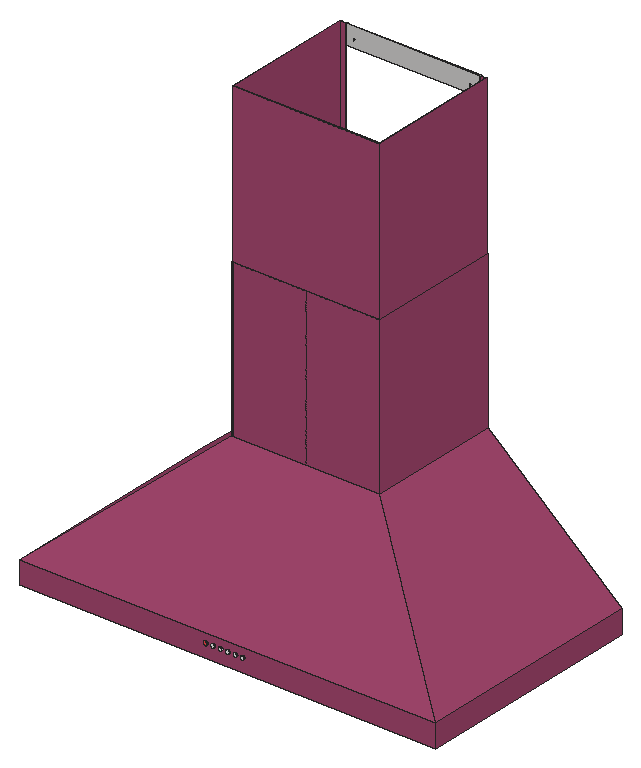
Revit family "FP_Revit_18_HC90PCR1_Rangehood_90001871A", category Specialty Equipment, Revit 2018
Family settings
  Round Connector Dimension = Use Diameter
  Part Type = Normal
  OmniClass Number = 23.40.40.00
  OmniClass Title = Food Service Equipment and Furnishings
  Work Plane-Based = No
  Always vertical = Yes
  Cut with Voids When Loaded = Yes
  Shared = No
  Room Calculation Point = No
Parameters (values of type "HC90PCR1")
  Visibility - Upper Chimney Extension [instance] = yes
  URL = "www.fisherpaykel.com"
  Product - Width = 898 mm  # constant formula
  Product - Height (636mm - 975mm) Ducted [instance] = 975 mm
  Product - Depth = 500 mm  # constant formula
  Model = "HC90PCR1"
  Material - COLOUR CHANGE = Fisher & Paykel - Red
  Material - Buttons and Dials = Fisher & Paykel - Steel, Chrome Plated
  Material - Body = Fisher & Paykel - Stainless Steel
  Manufacturer = "Fisher & Paykel Appliances"
  FFL Offset [instance] = 1565 mm
  Description = "90cm Rangehood"
  Connector Description - Extraction = "150mm rigid or  semi-rigid ducting, 780m³/hr"
  Connector Description - Electrical = "230 V, 50Hz"
  Chassis - Width = 320 mm  # constant formula
  Chassis - Height = 298 mm  # constant formula
  Chassis - Depth = 290 mm  # constant formula
Types (5, lengths in mm): name | Model | Material - COLOUR CHANGE
  (no name) | "HC90PCR1" | Fisher & Paykel - Red
  HC90PCB1 | "HC90PCB1" | Fisher & Paykel - Black
  HC90PCR1 | "HC90PCR1" | Fisher & Paykel - Red
  HC90PCTX1 | "HC90PCTX1" | Fisher & Paykel - Stainless Steel
  HC90PCW1 | "HC90PCW1" | Fisher & Paykel - White
Reference planes
  plane 1 "Datum": y = 0
  plane 2: z = 0
  plane 3 "Center (Left/Right)": x = 0
  plane 4 "Product - Height": z = 2540
  plane 5 "Product LHS": x = -449
  plane 6 "Product RHS": x = 449
  plane 7 "Product - Depth": y = -500
  plane 8 "Cavity LHS": x = -160
  plane 9 "Cavity RHS": x = 160
  plane 10 "Chassis - Depth": y = -290
  plane 11 "FFL Offset": z = 1565
  plane 12 "Chassis - Height": z = 1863
Forms (mm)
  Extrusion 1, solid, material "Fisher & Paykel - Red" <- "Material - COLOUR CHANGE"
    sketch origin (0, 0, 0) x (1, 0, 0) y (0, 1, 0)
      loop
        line (-145, 0) -> (-160, 0) -> (-160, -290) -> (0, -290) -> (160, -290) -> (160, 0) -> (145, 0) -> (145, -1) -> (159, -1) -> (159, -289) -> (-159, -289) -> (-159, -1) -> (-145, -1) -> (-145, 0)
    from 1863 to 2200
  Extrusion 2, solid, material "Fisher & Paykel - Red" <- "Material - COLOUR CHANGE", visible <- "Visibility - Upper Chimney Extension"
    sketch origin (0, 0, 0) x (1, 0, 0) y (0, 1, 0)
      loop
        line (-158, -2) -> (-145, -2) -> (-145, -1) -> (-159, -1) -> (-159, -289) -> (159, -289) -> (159, -1) -> (145, -1) -> (145, -2) -> (158, -2) -> (158, -288.044) -> (-158, -288.044) -> (-158, -2)
    from 2190 to 2540
  Extrusion 3, solid, material "Fisher & Paykel - Stainless Steel" <- "Material - Body"
    sketch origin (0, 0, 0) x (1, 0, 0) y (0, 1, 0)
      loop
        circle (0, -87.6) r 75
      loop
        circle (0, -87.6) r 74
    from 1850 to 1897.007
  Extrusion 4, solid, material "Fisher & Paykel - Stainless Steel" <- "Material - Body", visible <- "Visibility - Upper Chimney Extension"
    sketch origin (0, 0, 7) x (1, 0, 0) y (0, 0, 1)
      loop
        line (-145, 2491.596) -> (145, 2491.596) -> (145, 2533) -> (-145, 2533) -> (-145, 2491.596)
      loop
        circle (125, 2508) r 2.5
      loop
        circle (-125, 2508) r 2.5
    from 0 to 2
  Extrusion 5, solid, material "Fisher & Paykel - Steel, Chrome Plated" <- "Material - Buttons and Dials", detail levels fine
    sketch origin (0, 0, 565) x (1, 0, 0) y (0, 0, 1)
      loop
        circle (-32, 1029.1) r 3.958
      loop
        circle (-16, 1029.1) r 3.958
      loop
        circle (0, 1029.1) r 3.958
      loop
        circle (16, 1029.1) r 3.958
      loop
        circle (32, 1029.1) r 3.958
    from 501 to 500
  Extrusion 6, void
    sketch origin (0, 0, 0) x (1, 0, 0) y (0, 1, 0)
      loop
        line (-427.4, -479.9) -> (427.4, -479.9) -> (427.4, -89.9) -> (-427.4, -89.9) -> (-427.4, -479.9)
      loop
        circle (-217.5, -42) r 25
      loop
        circle (217.5, -42) r 25
    from 1565 to 1574
  Extrusion 7, solid, material "Fisher & Paykel - Stainless Steel" <- "Material - Body", detail levels fine
    sketch origin (0, 0, 0) x (1, 0, 0) y (0, 1, 0)
      loop
        line (142.7, -89.9) -> (142.7, -479.9) -> (427.4, -479.9) -> (427.4, -89.9) -> (142.7, -89.9)
      loop
        line (417.55, -469.9) -> (417.55, -99.9) -> (152.2, -99.9) -> (152.2, -469.9) -> (252.55, -469.9) -> (252.55, -409.9) -> (317.55, -409.9) -> (317.55, -469.9) -> (417.55, -469.9)
      loop
        line (269.45, -428.3) -> (269.45, -468.3) -> (300.65, -468.3) -> (300.65, -428.3) -> (269.45, -428.3)
      loop
        line (274.65, -433.5) -> (274.65, -463.1) -> (295.45, -463.1) -> (295.45, -433.5) -> (274.65, -433.5)
      loop
        line (274.85, -442.6) -> (274.85, -462.9) -> (295.25, -462.9) -> (295.25, -442.6) -> (274.85, -442.6)
      loop
        line (-142.7, -89.9) -> (-427.4, -89.9) -> (-427.4, -479.9) -> (-142.7, -479.9) -> (-142.7, -89.9)
      loop
        line (-417.55, -469.9) -> (-317.55, -469.9) -> (-317.55, -409.9) -> (-252.55, -409.9) -> (-252.55, -469.9) -> (-152.2, -469.9) -> (-152.2, -99.9) -> (-417.55, -99.9) -> (-417.55, -469.9)
      loop
        line (-269.45, -428.3) -> (-300.65, -428.3) -> (-300.65, -468.3) -> (-269.45, -468.3) -> (-269.45, -428.3)
      loop
        line (-274.65, -433.5) -> (-295.45, -433.5) -> (-295.45, -463.1) -> (-274.65, -463.1) -> (-274.65, -433.5)
      loop
        line (-274.85, -442.6) -> (-295.25, -442.6) -> (-295.25, -462.9) -> (-274.85, -462.9) -> (-274.85, -442.6)
      loop
        line (-142.35, -89.9) -> (-142.35, -479.9) -> (142.35, -479.9) -> (142.35, -89.9) -> (-142.35, -89.9)
      loop
        line (132.5, -469.9) -> (132.5, -99.9) -> (-132.85, -99.9) -> (-132.85, -469.9) -> (-32.5, -469.9) -> (-32.5, -409.9) -> (32.5, -409.9) -> (32.5, -469.9) -> (132.5, -469.9)
      loop
        line (-15.6, -428.3) -> (-15.6, -468.3) -> (15.6, -468.3) -> (15.6, -428.3) -> (-15.6, -428.3)
      loop
        line (-10.4, -433.5) -> (-10.4, -463.1) -> (10.4, -463.1) -> (10.4, -433.5) -> (-10.4, -433.5)
      loop
        line (-10.2, -442.6) -> (-10.2, -462.9) -> (10.2, -462.9) -> (10.2, -442.6) -> (-10.2, -442.6)
      loop
        line (268.45, -427.3) -> (268.45, -469.3) -> (301.65, -469.3) -> (301.65, -427.3) -> (268.45, -427.3)
      loop
        line (-16.6, -427.3) -> (-16.6, -469.3) -> (16.6, -469.3) -> (16.6, -427.3) -> (-16.6, -427.3)
      loop
        line (-268.45, -427.3) -> (-301.65, -427.3) -> (-301.65, -469.3) -> (-268.45, -469.3) -> (-268.45, -427.3)
    from 1566 to 1574
  Extrusion 8, solid, material "Fisher & Paykel - Aluminium", detail levels medium+fine
    sketch origin (0, 0, 0) x (1, 0, 0) y (0, 1, 0)
      loop
        line (152.2, -99.9) -> (152.2, -469.9) -> (252.55, -469.9) -> (252.55, -409.9) -> (317.55, -409.9) -> (317.55, -469.9) -> (417.55, -469.9) -> (417.55, -99.9) -> (152.2, -99.9)
      loop
        line (-152.2, -99.9) -> (-417.55, -99.9) -> (-417.55, -469.9) -> (-317.55, -469.9) -> (-317.55, -409.9) -> (-252.55, -409.9) -> (-252.55, -469.9) -> (-152.2, -469.9) -> (-152.2, -99.9)
      loop
        line (-132.675, -99.9) -> (-132.675, -469.9) -> (-32.325, -469.9) -> (-32.325, -409.9) -> (32.675, -409.9) -> (32.675, -469.9) -> (132.675, -469.9) -> (132.675, -99.9) -> (-132.675, -99.9)
    from 1566 to 1574
  Extrusion 9, void
    sketch origin (0, 0, 0) x (1, 0, 0) y (0, 0, 1)
      loop
        line (-449, 1863) -> (-449, 1615) -> (-160, 1863) -> (-449, 1863)
      loop
        line (449, 1863) -> (160, 1863) -> (449, 1615) -> (449, 1863)
    from 0 to 500
  Extrusion 10, solid, material "Fisher & Paykel - Red" <- "Material - COLOUR CHANGE"
    sketch origin (0, 0, 0) x (0, 1, 0) y (0, 0, 1)
      loop
        line (-500, 1565) -> (0, 1565) -> (0, 1863) -> (-290, 1863) -> (-500, 1615) -> (-500, 1565)
    from -449 to 449
  Extrusion 11, solid, material "Fisher & Paykel - Stainless Steel" <- "Material - Body", detail levels medium+fine
    sketch origin (0, 0, 0) x (1, 0, 0) y (0, 1, 0)
      loop
        circle (90.933, -33) r 3
    from 1897.007 to 1850
  Extrusion 12, solid, material "Fisher & Paykel - Steel, Chrome Plated" <- "Material - Buttons and Dials", detail levels medium+fine
    sketch origin (0, 0, 0) x (1, 0, 0) y (0, 1, 0)
      loop
        circle (-217.5, -42) r 25
      loop
        circle (-217.5, -42) r 22
      loop
        circle (217.5, -42) r 25
      loop
        circle (217.5, -42) r 22
    from 1565 to 1574
  Extrusion 13, solid, material "Fisher & Paykel - White Bezel", detail levels fine
    sketch origin (0, 0, 0) x (1, 0, 0) y (0, 1, 0)
      loop
        circle (-217.5, -42) r 22
      loop
        circle (217.5, -42) r 22
    from 1565 to 1574
  Extrusion 14, void
    sketch origin (0, 0, 0) x (1, 0, 0) y (0, 0, 1)
      loop
        circle (254, 1612) r 2.5
      loop
        circle (125, 1859) r 2.5
      loop
        circle (-254, 1610) r 2.5
      loop
        circle (-125, 1859) r 2.5
    from 0 to 7
  Extrusion 15, solid, material "Fisher & Paykel - Stainless Steel" <- "Material - Body"
    sketch origin (0, 0, 0) x (1, 0, 0) y (0, 0, 1)
      loop
        line (-145, 2183) -> (-145, 2143) -> (145, 2143) -> (145, 2183) -> (-145, 2183)
      loop
        circle (125, 2161) r 2.5
      loop
        circle (-125, 2161) r 2.5
    from 0 to 2
  Extrusion 16, void
    sketch origin (0, 0, 0) x (1, 0, 0) y (0, 1, 0)
      loop
        line (-159, -289) -> (159, -289) -> (159, -2) -> (-159, -2) -> (-159, -289)
    from 1850 to 1863
  Extrusion 17, solid, material "Fisher & Paykel - Bezel Red", detail levels fine
    sketch origin (0, 0, 0) x (1, 0, 0) y (0, 0, 1)
      loop
        circle (-48, 1594.1) r 4.044
    from 500 to 501
Cuts and joins
  Extrusion 6, Extrusion 9, Extrusion 14, Extrusion 16 cuts Extrusion 10
  joined: Extrusion 1, Extrusion 10
  Extrusion 14 cuts Extrusion 4
  Extrusion 14 cuts Extrusion 15
Text (mm)
  text "Due to ongoing product development, product details are subject to change without notice. \nPlease always refer to www.fisherpaykel.com for the most current product information. \n© Fisher & Paykel 2020" at (41.04, -1225.549, 0), in view "Ref. Level (Plan)"
Dimensions and locks
  equal spacing: plane 5 "Product LHS", plane 3 "Center (Left/Right)", plane 6 "Product RHS"
  equal spacing: plane 8 "Cavity LHS", plane 3 "Center (Left/Right)", plane 9 "Cavity RHS"
  "Chassis - Width": plane 8 "Cavity LHS" to plane 9 "Cavity RHS"
  locked: Extrusion 1 sketch curve to Extrusion 1 sketch curve at 1  (x3)
  "FFL Offset": plane 11 "FFL Offset" to level
  "Product - Height (636mm - 975mm) Ducted": plane 4 "Product - Height" to plane 11 "FFL Offset"
  locked: Extrusion 8 to plane 11 "FFL Offset" at 9
  locked: Extrusion 7 to plane 11 "FFL Offset" at 1
  locked: Extrusion 1 to plane 11 "FFL Offset" at 635
  "Chassis - Depth": plane 10 "Chassis - Depth" to plane 1 "Datum"
  "Product - Width": plane 5 "Product LHS" to plane 6 "Product RHS"
  "Product - Depth": plane 1 "Datum" to plane 7 "Product - Depth"
  "Chassis - Height": plane 12 "Chassis - Height" to plane 11 "FFL Offset"
  locked: plane 11 "FFL Offset" to Extrusion 14 sketch curve at 294
  locked: plane 4 "Product - Height" to Extrusion 2 at 350
  locked: Extrusion 3 to plane 11 "FFL Offset" at 332.007
  locked: plane 11 "FFL Offset" to cut or joined group of Extrusion 1, Extrusion 6, Extrusion 9, Extrusion 10, Extrusion 14, Extrusion 16 at 285
  locked: plane 11 "FFL Offset" to cut or joined group of Extrusion 14, Extrusion 15 at 596
  locked: plane 11 "FFL Offset" to cut or joined group of Extrusion 14, Extrusion 15 at 618
  locked: plane 11 "FFL Offset" to cut or joined group of Extrusion 14, Extrusion 15 at 578
  cut or joined group of Extrusion 4, Extrusion 14 to plane 4 "Product - Height" = 41.404 mm
  locked: cut or joined group of Extrusion 4, Extrusion 14 to plane 4 "Product - Height" at 25
  locked: plane 11 "FFL Offset" to cut or joined group of Extrusion 1, Extrusion 6, Extrusion 9, Extrusion 10, Extrusion 14, Extrusion 16 at 294
  locked: plane 11 "FFL Offset" to Extrusion 14 sketch curve at 47
  locked: plane 11 "FFL Offset" to cut or joined group of Extrusion 1, Extrusion 6, Extrusion 9, Extrusion 10, Extrusion 14, Extrusion 16 at 47
  aligned and locked: level to plane 2
  aligned and locked: Extrusion 1 sketch curve to plane 8 "Cavity LHS"
  aligned and locked: plane 9 "Cavity RHS" to Extrusion 1 sketch curve
  aligned and locked: plane 10 "Chassis - Depth" to Extrusion 1 sketch curve
  aligned and locked: plane 4 "Product - Height" to Extrusion 2
  aligned and locked: Extrusion 10 to plane 6 "Product RHS"
  aligned and locked: plane 5 "Product LHS" to Extrusion 10
  aligned and locked: Extrusion 7 to Extrusion 8  (x2)
  aligned and locked: Extrusion 6 to Extrusion 7
  aligned and locked: cut or joined group of Extrusion 1, Extrusion 6, Extrusion 9, Extrusion 10, Extrusion 14, Extrusion 16 to plane 11 "FFL Offset"
  aligned and locked: Extrusion 12 to Extrusion 7
  aligned and locked: Extrusion 13 to Extrusion 7
  aligned and locked: Extrusion 13 to plane 11 "FFL Offset"
  aligned and locked: Extrusion 12 to plane 11 "FFL Offset"
  aligned and locked: plane 4 "Product - Height" to Extrusion 4
  aligned and locked: Extrusion 1 to plane 12 "Chassis - Height"
  aligned and locked: plane 7 "Product - Depth" to Extrusion 5
  aligned and locked: plane 7 "Product - Depth" to Extrusion 17
  aligned and locked: Extrusion 16 to Extrusion 1
  aligned and locked: cut or joined group of Extrusion 1, Extrusion 6, Extrusion 9, Extrusion 10, Extrusion 14, Extrusion 16 to Extrusion 3
  aligned and locked: Extrusion 3 to Extrusion 11
  aligned and locked: cut or joined group of Extrusion 1, Extrusion 6, Extrusion 9, Extrusion 10, Extrusion 14, Extrusion 16 to Extrusion 11
  aligned and locked: cut or joined group of Extrusion 4, Extrusion 14 to Extrusion 2
  aligned and locked: cut or joined group of Extrusion 14, Extrusion 15 to Extrusion 2
Automatic sketch dimensions
  Extrusion 2 sketch curve to plane 8 "Cavity LHS" = 1 mm
  Extrusion 2 sketch curve to Extrusion 2 sketch curve = 1 mm
  plane 1 "Datum" to Extrusion 2 sketch curve = 2 mm  (x2)
  Extrusion 2 sketch curve to Extrusion 2 sketch curve = 13 mm
  plane 9 "Cavity RHS" to Extrusion 2 sketch curve = 15 mm
  plane 9 "Cavity RHS" to Extrusion 2 sketch curve = 2 mm
  plane 9 "Cavity RHS" to Extrusion 2 sketch curve = 1 mm
  plane 10 "Chassis - Depth" to Extrusion 2 sketch curve = 1.956 mm
  plane 10 "Chassis - Depth" to Extrusion 2 sketch curve = 1 mm
  plane 1 "Datum" to Extrusion 2 sketch curve = 1 mm  (x2)
  Extrusion 4 sketch curve to plane 4 "Product - Height" = 0 mm
  Extrusion 4 sketch curve to plane 8 "Cavity LHS" = 15 mm
  Extrusion 4 sketch curve to plane 8 "Cavity LHS" = 35 mm
  plane 9 "Cavity RHS" to Extrusion 4 sketch curve = 35 mm
  plane 9 "Cavity RHS" to Extrusion 4 sketch curve = 15 mm
  Extrusion 4 sketch curve to plane 4 "Product - Height" = 25 mm  (x2)
  Extrusion 4 sketch curve to Extrusion 4 sketch curve = 16.404 mm
  Extrusion 6 sketch curve to plane 5 "Product LHS" = 21.6 mm
  plane 8 "Cavity LHS" to Extrusion 6 sketch curve = 57.5 mm
  Extrusion 6 sketch curve to plane 9 "Cavity RHS" = 57.5 mm
  plane 6 "Product RHS" to Extrusion 6 sketch curve = 21.6 mm
  plane 7 "Product - Depth" to Extrusion 6 sketch curve = 20.1 mm
  plane 1 "Datum" to Extrusion 6 sketch curve = 89.9 mm
  plane 1 "Datum" to Extrusion 6 sketch curve = 42 mm  (x2)
  plane 9 "Cavity RHS" to Extrusion 11 sketch curve = 69.067 mm
  plane 10 "Chassis - Depth" to Extrusion 11 sketch curve = 257 mm
  Extrusion 12 sketch curve to Extrusion 12 sketch curve = 0 mm  (x4)
  plane 8 "Cavity LHS" to Extrusion 12 sketch curve = 57.5 mm
  Extrusion 12 sketch curve to plane 9 "Cavity RHS" = 57.5 mm
  plane 1 "Datum" to Extrusion 12 sketch curve = 42 mm  (x2)
  plane 8 "Cavity LHS" to Extrusion 13 sketch curve = 57.5 mm
  Extrusion 13 sketch curve to plane 9 "Cavity RHS" = 57.5 mm
  plane 1 "Datum" to Extrusion 13 sketch curve = 42 mm  (x2)
  plane 11 "FFL Offset" to Extrusion 14 sketch curve = 45 mm
  plane 8 "Cavity LHS" to Extrusion 14 sketch curve = 94 mm
  Extrusion 14 sketch curve to plane 12 "Chassis - Height" = 4 mm
  Extrusion 14 sketch curve to plane 8 "Cavity LHS" = 35 mm
  plane 9 "Cavity RHS" to Extrusion 14 sketch curve = 35 mm
  Extrusion 14 sketch curve to plane 9 "Cavity RHS" = 94 mm
  Extrusion 15 sketch curve to plane 8 "Cavity LHS" = 15 mm
  Extrusion 15 sketch curve to plane 8 "Cavity LHS" = 35 mm
  plane 9 "Cavity RHS" to Extrusion 15 sketch curve = 35 mm
  plane 9 "Cavity RHS" to Extrusion 15 sketch curve = 15 mm
  plane 12 "Chassis - Height" to Extrusion 15 sketch curve = 280 mm
  Extrusion 15 sketch curve to Extrusion 15 sketch curve = 18 mm  (x2)
  Extrusion 15 sketch curve to Extrusion 15 sketch curve = 22 mm
  plane 1 "Datum" to Extrusion 1 sketch curve = 0 mm  (x2)
  Extrusion 1 sketch curve to plane 3 "Center (Left/Right)" = 0 mm
  plane 1 "Datum" to Extrusion 1 sketch curve = 1 mm  (x2)
  Extrusion 1 sketch curve to Extrusion 1 sketch curve = 14 mm  (x2)
  Extrusion 10 sketch curve to plane 7 "Product - Depth" = 0 mm
  Extrusion 10 sketch curve to plane 12 "Chassis - Height" = 0 mm
  Extrusion 10 sketch curve to plane 10 "Chassis - Depth" = 0 mm
  Extrusion 10 sketch curve to plane 1 "Datum" = 0 mm
  Extrusion 10 sketch curve to plane 11 "FFL Offset" = 0 mm
  Extrusion 10 sketch curve to Extrusion 10 sketch curve = 50 mm
  plane 5 "Product LHS" to Extrusion 9 sketch curve = 0 mm
  plane 8 "Cavity LHS" to Extrusion 9 sketch curve = 0 mm
  plane 9 "Cavity RHS" to Extrusion 9 sketch curve = 0 mm
  plane 6 "Product RHS" to Extrusion 9 sketch curve = 0 mm
  Extrusion 9 sketch curve to plane 12 "Chassis - Height" = 0 mm  (x2)
  plane 11 "FFL Offset" to Extrusion 9 sketch curve = 50 mm  (x2)
  Extrusion 5 sketch curve to plane 3 "Center (Left/Right)" = 0 mm
  Extrusion 5 sketch curve to plane 3 "Center (Left/Right)" = 16 mm
  Extrusion 5 sketch curve to Extrusion 5 sketch curve = 16 mm  (x3)
  plane 11 "FFL Offset" to Extrusion 5 sketch curve = 29.1 mm
  Extrusion 5 sketch curve to Extrusion 5 sketch curve = 0 mm  (x4)
  Extrusion 17 sketch curve to plane 3 "Center (Left/Right)" = 48 mm
  plane 11 "FFL Offset" to Extrusion 17 sketch curve = 29.1 mm
  Extrusion 7 sketch curve to plane 5 "Product LHS" = 21.6 mm
  Extrusion 7 sketch curve to Extrusion 7 sketch curve = 9.85 mm  (x3)
  plane 7 "Product - Depth" to Extrusion 7 sketch curve = 30.1 mm  (x4)
  Extrusion 7 sketch curve to Extrusion 7 sketch curve = 100 mm
  Extrusion 7 sketch curve to Extrusion 7 sketch curve = 16.9 mm  (x5)
  Extrusion 7 sketch curve to Extrusion 7 sketch curve = 5.2 mm  (x12)
  Extrusion 7 sketch curve to Extrusion 7 sketch curve = 0.2 mm  (x9)
  Extrusion 7 sketch curve to Extrusion 7 sketch curve = 20.4 mm  (x2)
  Extrusion 7 sketch curve to plane 8 "Cavity LHS" = 7.8 mm
  Extrusion 7 sketch curve to Extrusion 7 sketch curve = 9.5 mm  (x2)
  Extrusion 7 sketch curve to Extrusion 7 sketch curve = 0.35 mm  (x2)
  Extrusion 7 sketch curve to plane 3 "Center (Left/Right)" = 32.5 mm
  Extrusion 7 sketch curve to plane 3 "Center (Left/Right)" = 15.6 mm
  plane 3 "Center (Left/Right)" to Extrusion 7 sketch curve = 10.2 mm
  plane 9 "Cavity RHS" to Extrusion 7 sketch curve = 27.5 mm
  plane 9 "Cavity RHS" to Extrusion 7 sketch curve = 7.8 mm
  Extrusion 7 sketch curve to plane 9 "Cavity RHS" = 92.55 mm
  plane 6 "Product RHS" to Extrusion 7 sketch curve = 31.45 mm
  Extrusion 7 sketch curve to Extrusion 7 sketch curve = 0 mm  (x3)
  Extrusion 7 sketch curve to Extrusion 7 sketch curve = 10 mm  (x5)
  plane 7 "Product - Depth" to Extrusion 7 sketch curve = 20.1 mm
  Extrusion 7 sketch curve to Extrusion 7 sketch curve = 1.6 mm  (x3)
  Extrusion 7 sketch curve to Extrusion 7 sketch curve = 20.3 mm  (x3)
  Extrusion 7 sketch curve to Extrusion 7 sketch curve = 9.1 mm  (x3)
  Extrusion 7 sketch curve to Extrusion 7 sketch curve = 18.4 mm  (x3)
  plane 1 "Datum" to Extrusion 7 sketch curve = 99.9 mm  (x2)
  Extrusion 8 sketch curve to plane 5 "Product LHS" = 31.45 mm
  plane 7 "Product - Depth" to Extrusion 8 sketch curve = 30.1 mm  (x4)
  Extrusion 8 sketch curve to Extrusion 8 sketch curve = 100 mm
  Extrusion 8 sketch curve to Extrusion 8 sketch curve = 65 mm  (x2)
  Extrusion 8 sketch curve to plane 8 "Cavity LHS" = 7.8 mm
  Extrusion 8 sketch curve to Extrusion 8 sketch curve = 19.525 mm
  Extrusion 8 sketch curve to plane 3 "Center (Left/Right)" = 32.325 mm
  plane 3 "Center (Left/Right)" to Extrusion 8 sketch curve = 32.675 mm
  plane 9 "Cavity RHS" to Extrusion 8 sketch curve = 27.325 mm
  plane 9 "Cavity RHS" to Extrusion 8 sketch curve = 7.8 mm
  Extrusion 8 sketch curve to plane 9 "Cavity RHS" = 92.55 mm
  plane 6 "Product RHS" to Extrusion 8 sketch curve = 31.45 mm
  Extrusion 8 sketch curve to Extrusion 8 sketch curve = 0 mm  (x3)
  Extrusion 8 sketch curve to Extrusion 8 sketch curve = 60 mm  (x3)
  plane 1 "Datum" to Extrusion 8 sketch curve = 99.9 mm  (x2)
  Extrusion 3 sketch curve to Extrusion 3 sketch curve = 0 mm  (x2)
  plane 1 "Datum" to Extrusion 3 sketch curve = 87.6 mm
  plane 6 "Product RHS" to Extrusion 3 sketch curve = 449 mm
  plane 1 "Datum" to Extrusion 16 sketch curve = 2 mm
  Extrusion 16 sketch curve to plane 8 "Cavity LHS" = 1 mm
  plane 9 "Cavity RHS" to Extrusion 16 sketch curve = 1 mm
  plane 10 "Chassis - Depth" to Extrusion 16 sketch curve = 1 mm
  Extrusion 7 sketch curve to Extrusion 7 sketch curve = 1 mm  (x12)
  radius of Extrusion 4 sketch curve = 2.5 mm  (x2)
  radius of Extrusion 6 sketch curve = 25 mm  (x2)
  radius of Extrusion 11 sketch curve = 3 mm
  radius of Extrusion 12 sketch curve = 25 mm  (x2)
  radius of Extrusion 12 sketch curve = 22 mm  (x2)
  radius of Extrusion 13 sketch curve = 22 mm  (x2)
  radius of Extrusion 14 sketch curve = 2.5 mm  (x4)
  radius of Extrusion 15 sketch curve = 2.5 mm  (x2)
  radius of Extrusion 5 sketch curve = 3.958 mm  (x5)
  radius of Extrusion 17 sketch curve = 4.044 mm
  radius of Extrusion 3 sketch curve = 75 mm
  radius of Extrusion 3 sketch curve = 74 mm
Connectors
  hvac at (0, -87.6, 1897.007), driven by "Connector Description - Extraction"
    settings: on Extrusion 3, index 1, duct flow 0.0 L/s, flow factor 0, pres drop 0.0 Pa, loss coef 0, conn angle 0.00°, conn width 304.8 mm, conn height 304.8 mm, conn diameter 150 mm, duct sys type 4, conn prof type 0, flow config 0, flow direction 2, loss method 0, conn ref index -1, conn util no, is conn primary yes, conn desc "150mm rigid or  semi-rigid ducting, 780m³/hr"
  electrical at (90.933, -33, 1850), driven by "Connector Description - Electrical"
    settings: on Extrusion 11, index 2, voltage 230 V, apparent load 0 VA, apparent load phase1 0 VA, apparent load phase2 0 VA, apparent load phase3 0 VA, power factor 1, load classification "Other", number of poles 1, system type 30, power factor state 1, is connector primary yes, connector utility no, sub classification motor no, connector description "230 V, 50Hz"
